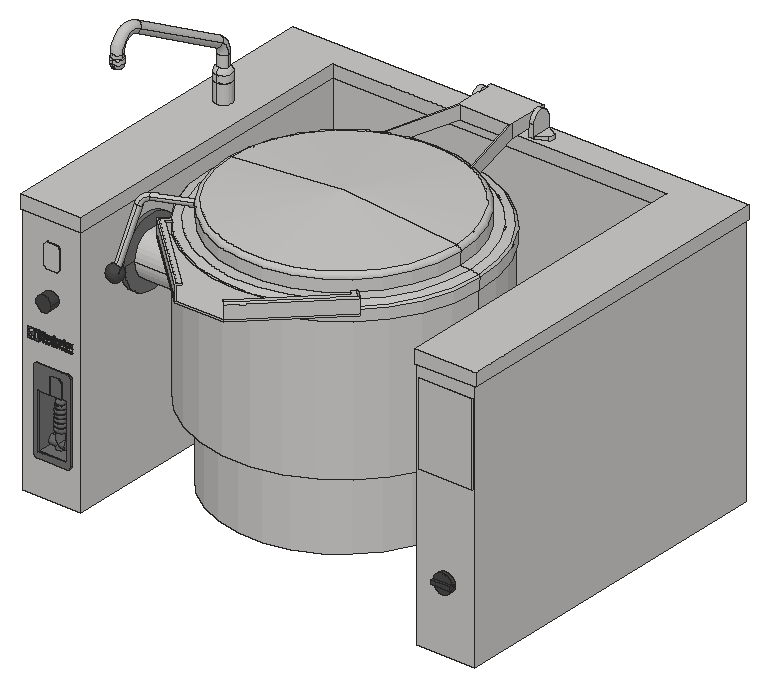
Revit family "QF_ELECTROLUXPROFESSIONAL_586916_PBOT10RCES", category Specialty Equipment, Revit 2018 (continued)
Automatic sketch dimensions
  Extrusion 23 sketch curve to Extrusion 23 sketch curve = 1.353 mm  (x2)
  Extrusion 23 sketch curve to Extrusion 23 sketch curve = 0.027 mm  (x2)
  Extrusion 23 sketch curve to Extrusion 23 sketch curve = 0.395 mm  (x2)
  Extrusion 23 sketch curve to Extrusion 23 sketch curve = 0.329 mm  (x2)
  Extrusion 23 sketch curve to Extrusion 23 sketch curve = 0.425 mm  (x2)
  Extrusion 23 sketch curve to Extrusion 23 sketch curve = 0.051 mm  (x2)
  Extrusion 23 sketch curve to Extrusion 23 sketch curve = 0.495 mm  (x2)
  Extrusion 23 sketch curve to Extrusion 23 sketch curve = 0.267 mm  (x2)
  Extrusion 23 sketch curve to Extrusion 23 sketch curve = 1.4 mm
  Extrusion 23 sketch curve to Extrusion 23 sketch curve = 5.233 mm
  Extrusion 23 sketch curve to Extrusion 23 sketch curve = 2.062 mm
  plane 3 "LEFT" to Extrusion 24 sketch curve = 43.4 mm
  Extrusion 24 sketch curve to Extrusion 24 sketch curve = 82 mm
  plane 7 to Extrusion 24 sketch curve = 105.944 mm
  Extrusion 24 sketch curve to Extrusion 24 sketch curve = 195 mm
  curve 17 to plane 3 "LEFT" = 0 mm
  radius of Extrusion 4 sketch curve = 10 mm
  radius of Extrusion 15 sketch curve = 25 mm
  radius of curve 38 = 25 mm
  radius of Extrusion 17 sketch curve = 20 mm
  radius of Extrusion 20 sketch curve = 6.35 mm  (x2)
  radius of Extrusion 23 sketch curve = 2.453 mm
  radius of Extrusion 23 sketch curve = 1.557 mm
  radius of Extrusion 23 sketch curve = 1.468 mm
  radius of Extrusion 23 sketch curve = 2.451 mm
Nested families
  nested 1: "Electrolux_Handle" at (324.646, -653.285, 8.398) x (0.9205, 0.3907, 0) z (0, 0, 1), type "Family1"
  nested 2: "QF_ELECTROLUXPROFESSIONAL_RubSprint" at (80, -230.346, 900), type "QF_ELECTROLUXPROFESSIONAL_RubSprint"
  nested 3: "QF_ELECTROLUXPROFESSIONAL_SprayGun" at (80.4, -737, 291.944), type "QF_ELECTROLUXPROFESSIONAL_SprayGun"
Connectors
  piping at (110.571, 100, 395), diameter 12.7
    settings: on Extrusion 20, index 1, connector inside diameter 1/2", connector length 0 mm, flow factor 0, pipe flow 0 GPM, pressure drop 0.00 psi, fitting loss kfactor 0, connector angle 0.00°, fixture units 0, engagement length 0 mm, angle of deflection 0.00°, flow configuration 1, flow direction 1, fitting loss method 0, system type 20, joint type 0, gender type 0, connector reference index -1, connector utility 0, adjustable connector no, is connector primary yes, connector description "Cold Water Inlet"
  piping at (50, 100, 395), diameter 12.7
    settings: on Extrusion 20, index 2, connector inside diameter 1/2", connector length 0 mm, flow factor 0, pipe flow 0 GPM, pressure drop 0.00 psi, fitting loss kfactor 0, connector angle 0.00°, fixture units 0, engagement length 0 mm, angle of deflection 0.00°, flow configuration 1, flow direction 1, fitting loss method 0, system type 19, joint type 0, gender type 0, connector reference index -1, connector utility 0, adjustable connector no, is connector primary no, connector description "Hot Water Inlet"
  electrical at (1120, 100, 450), driven by "Volts"
    settings: on Extrusion 4, index 3, voltage 400 V, apparent load 18600 VA, apparent load phase1 0 VA, apparent load phase2 0 VA, apparent load phase3 0 VA, power factor 1, load classification "Other", number of poles 1, system type 30, power factor state 1, is connector primary yes, connector utility no, sub classification motor no, connector description "Electrical Connection"
Definition of nested family "Electrolux_Handle"
  Parameters
    Assembly Code = ""
  Reference planes
    plane 1 "Center (Front/Back)": y = 0
    plane 2: z = 0
    plane 3 "Center (Left/Right)": x = 0
  Forms (mm)
    Sweep 1, solid
      path origin (0, -272.67, 40.751) x (1, 0, 0) y (0, 0.292372, 0.956305)
        loop
          line (16.511, 924.614) -> (-78.489, 924.614)
          arc (-78.489, 924.614) -> (-94.127, 919.229) -> (-103.135, 905.359) r 25.4
          line (-103.135, 905.359) -> (-140.724, 754.597)
      profile origin (-30.989, -2.339, 924.963) x (0, -0.292372, -0.956305) y (0, -0.956305, 0.292372)
        loop
          circle (0, 0) r 8
    Revolve 2, solid
      sketch origin (0, -272.67, 40.751) x (1, 0, 0) y (0, 0.292372, 0.956305)
        loop
          arc (-160.764, 759.594) -> (-145.72, 734.557) -> (-120.683, 749.601) r 20.654
          line (-120.683, 749.601) -> (-160.764, 759.594)
        axis (-120.683, 749.601) -> (-160.764, 759.594)
      angle from 0 to 360
  Lines and regions (mm)
    symbolic lines
      curve 1: line (16.511, 5.661, 0) -> (-87.322, 5.661, 0)
      curve 2: line (16.511, -9.989, 0) -> (-86.193, -9.989, 0)
      curve 3: line (-133.697, -56.773, 0) -> (-97.513, -15.149, 0)
      curve 4: line (-146.568, -45.584, 0) -> (-111.666, -5.433, 0)
      curve 5: arc (-135.59, -32.955, 0) -> (-154.333, -67.194, 0) -> (-122.78, -44.215, 0) r 20
      curve 6: arc (-146.568, -45.584, 0) -> (-145.727, -57.614, 0) -> (-133.697, -56.773, 0) r 8.527
      curve 7: arc (-87.322, 5.661, 0) -> (-100.698, 2.757, 0) -> (-111.666, -5.433, 0) r 32.256
      curve 8: arc (-86.193, -9.989, 0) -> (-92.413, -11.34, 0) -> (-97.513, -15.149, 0) r 15
  Dimensions and locks
    aligned and locked: level to plane 2
    aligned and locked: Revolve 2 sketch curve to Sweep 1  (x2)
    aligned and locked: curve 1 to Sweep 1
    aligned and locked: Sweep 1 to curve 2
Definition of nested family "QF_ELECTROLUXPROFESSIONAL_RubSprint"
  Reference planes
    plane 1 "Center (Front/Back)": y = 0
    plane 2: z = 0
    plane 3 "Center (Left/Right)": x = 0
  Forms (mm)
    Revolve 1, solid
      sketch origin (0, 0, 0) x (0, 1, 0) y (0, 0, 1)
        loop
          line (-21, 0) -> (0, 0) -> (0, 82.75) -> (-14.385, 82.75)
          arc (-14.385, 82.75) -> (-19.409, 76.68) -> (-22.385, 69.383) r 26
          line (-22.385, 69.383) -> (-22.385, 51.306) -> (-21, 50.388) -> (-21, 0)
        axis (0, 82.75) -> (0, 0)
      angle from 0 to 360
    Sweep 2, solid
      path origin (0, 0, 0) x (0, 1, 0) y (0, 0, 1)
        loop
          line (0, 82.75) -> (0, 113.75)
          arc (0, 113.75) -> (-5.44, 133.889) -> (-20.279, 148.551) r 40
          line (-20.279, 148.551) -> (-290.279, 301.55)
          arc (-290.279, 301.55) -> (-330.139, 301.31) -> (-349.999, 266.749) r 40
          line (-349.999, 266.749) -> (-349.999, 257.884)
      profile origin (0, 0, 98.25) x (0, -1, 0) y (1, 0, 0)
        loop
          circle (0, 0) r 13.5
    Revolve 3, solid
      sketch origin (0, 0, 0) x (0, 1, 0) y (0, 0, 1)
        loop
          line (-333.717, 244.264) -> (-333.717, 254.236)
          arc (-333.717, 254.236) -> (-334.434, 255.758) -> (-335.779, 256.77) r 3.5
          line (-335.779, 256.77) -> (-336.499, 257.884) -> (-349.999, 257.884) -> (-349.999, 233.05) -> (-339.2, 233.05)
          arc (-339.2, 233.05) -> (-338.052, 233.411) -> (-337.32, 234.365) r 2
          line (-337.32, 234.365) -> (-333.717, 244.264)
        axis (-349.999, 257.884) -> (-349.999, 233.05)
      angle from 0 to 360
  Lines and regions (mm)
    symbolic lines
      curve 1: arc (-13.5, -17.856, 0) -> (0, 22.385, 0) -> (13.5, -17.856, 0) r 22.385
      curve 2: arc (-13.5, 0, 0) -> (0, 13.5, 0) -> (13.5, 0, 0) r 13.5
      curve 3: arc (-13.5, -349.999, 0) -> (0, -363.499, 0) -> (13.5, -349.999, 0) r 13.5
      curve 4: arc (-13.5, -340.897, 0) -> (0, -366.281, 0) -> (13.5, -340.897, 0) r 16.282
      curve 5: line (13.5, -349.999, 0) -> (13.5, 0, 0)
      curve 6: line (-13.5, -349.999, 0) -> (-13.5, 0, 0)
  Dimensions and locks
    aligned and locked: level to plane 2
Definition of nested family "QF_ELECTROLUXPROFESSIONAL_SprayGun"
  Reference planes
    plane 1 "Center (Front/Back)": y = 0
    plane 2: z = 0
    plane 3 "SGy": x = 13
    plane 4 "AxeZ": y = -45
    plane 5 "Center (Left/Right)": x = 4
    plane 6 "Center (Top/Right)": z = 112.5
  Forms (mm)
    Revolve 1, solid
      sketch origin (0, -45, 0) x (0, 0, 1) y (-1, 0, 0)
        loop
          line (73.98, -1.423) -> (33.98, -1.423) -> (33.98, -13) -> (151.7, -13) -> (151.7, -4.362)
          arc (151.7, -4.362) -> (147.093, -1.396) -> (141.64, -1.926) r 8.345
          arc (141.64, -1.926) -> (140.226, -2.024) -> (139.103, -1.16) r 2
          arc (139.103, -1.16) -> (138.832, -0.814) -> (138.493, -0.536) r 2
          arc (138.493, -0.536) -> (134.77, 0.557) -> (131.061, -0.581) r 6.745
          arc (131.061, -0.581) -> (129.812, -0.914) -> (128.62, -0.414) r 2
          arc (128.62, -0.414) -> (124.347, 1.338) -> (119.917, 0.035) r 6.972
          arc (119.917, 0.035) -> (118.79, -0.341) -> (117.648, -0.011) r 2
          arc (117.648, -0.011) -> (113.81, 1.188) -> (109.921, 0.166) r 7.275
          arc (109.921, 0.166) -> (108.725, -0.109) -> (107.594, 0.367) r 2
          arc (107.594, 0.367) -> (103.55, 1.928) -> (99.427, 0.587) r 6.475
          arc (99.427, 0.587) -> (98.262, 0.173) -> (97.076, 0.524) r 2
          arc (97.076, 0.524) -> (92.711, 1.941) -> (88.277, 0.758) r 8.094
          arc (88.277, 0.758) -> (87.212, 0.464) -> (86.153, 0.781) r 2
          arc (86.153, 0.781) -> (79.633, 2.075) -> (73.98, -1.423) r 9.075
        axis (151.7, -13) -> (33.98, -13)
      angle from 0 to 360
    Revolve 2, solid
      sketch origin (0, -45, 0) x (0, 0, 1) y (-1, 0, 0)
        loop
          line (47.58, 11.558) -> (40.98, 11.558) -> (40.98, 9.577) -> (35.98, 9.577) -> (35.98, -30.423) -> (40.98, -30.423) -> (40.98, -35.423) -> (47.58, -35.423) -> (47.58, 11.558)
        axis (47.58, 11.558) -> (47.58, -35.423)
      angle from 0 to 360
    Extrusion 3, solid
      sketch origin (0, -45, 0) x (1, 0, 0) y (0, 1, 0)
        loop
          line (21.638, 0) -> (17.319, 7.481) -> (8.681, 7.481) -> (4.362, 0) -> (8.681, -7.481) -> (17.319, -7.481) -> (21.638, 0)
      from 151.7 to 160.974
    Extrusion 4, solid
      sketch origin (0, 0, 0) x (1, 0, 0) y (0, 0, 1)
        loop
          arc (-45, 10) -> (-42.071, 2.929) -> (-35, 0) r 10
          line (-35, 0) -> (43, 0)
          arc (43, 0) -> (50.071, 2.929) -> (53, 10) r 10
          line (53, 10) -> (53, 215)
          arc (53, 215) -> (50.071, 222.071) -> (43, 225) r 10
          line (43, 225) -> (-35, 225)
          arc (-35, 225) -> (-42.071, 222.071) -> (-45, 215) r 10
          line (-45, 215) -> (-45, 10)
        loop
          line (-35, 162) -> (-35, 16) -> (43, 16) -> (43, 162) -> (29, 162) -> (29, 199)
          arc (29, 199) -> (26.657, 204.657) -> (21, 207) r 8
          line (21, 207) -> (5, 207)
          arc (5, 207) -> (-0.657, 204.657) -> (-3, 199) r 8
          line (-3, 199) -> (-3, 162) -> (-35, 162)
      from 63 to 60
    Extrusion 5, solid
      sketch origin (0, 0, 0) x (1, 0, 0) y (0, 0, 1)
        loop
          line (-35, 16) -> (43, 16) -> (43, 162) -> (29, 162) -> (29, 199)
          arc (29, 199) -> (26.657, 204.657) -> (21, 207) r 8
          line (21, 207) -> (5, 207)
          arc (5, 207) -> (-0.657, 204.657) -> (-3, 199) r 8
          line (-3, 199) -> (-3, 162) -> (-35, 162) -> (-35, 16)
        loop
          line (31, 164) -> (31, 199)
          arc (31, 199) -> (28.071, 206.071) -> (21, 209) r 10
          line (21, 209) -> (5, 209)
          arc (5, 209) -> (-2.071, 206.071) -> (-5, 199) r 10
          line (-5, 199) -> (-5, 164) -> (-37, 164) -> (-37, 14) -> (45, 14) -> (45, 164) -> (31, 164)
      from 0 to 60
    Extrusion 6, solid
      sketch origin (0, 0, 0) x (1, 0, 0) y (0, 0, 1)
        loop
          line (-37, 164) -> (-37, 14) -> (45, 14) -> (45, 164) -> (-37, 164)
      from 6 to 0
    Extrusion 7, solid
      sketch origin (0, 0, 0) x (1, 0, 0) y (0, 0, 1)
        loop
          line (28, 160.974) -> (28, 198)
          arc (28, 198) -> (25.657, 203.657) -> (20, 206) r 8
          line (20, 206) -> (6, 206)
          arc (6, 206) -> (0.343, 203.657) -> (-2, 198) r 8
          line (-2, 198) -> (-2, 160.974) -> (28, 160.974)
      from 0 to 63
  Dimensions and locks
    equal spacing: Extrusion 4, plane 5 "Center (Left/Right)", Extrusion 4
    Extrusion 4 to Extrusion 4 = 225 mm
    Extrusion 4 to Extrusion 4 = 98 mm
    aligned and locked: level to plane 2
  Automatic sketch dimensions
    plane 3 "SGy" to Revolve 1 sketch curve = 0 mm  (x2)
    plane 5 "Center (Left/Right)" to Revolve 1 sketch curve = 2.577 mm
    level to Revolve 1 sketch curve = 33.98 mm
    Revolve 1 sketch curve to Revolve 1 sketch curve = 40 mm
    Revolve 1 sketch curve to plane 5 "Center (Left/Right)" = 2.854 mm
    Revolve 1 sketch curve to Revolve 1 sketch curve = 7.27 mm
    Revolve 1 sketch curve to Revolve 1 sketch curve = 5.984 mm
    Revolve 1 sketch curve to plane 5 "Center (Left/Right)" = 2.15 mm
    Revolve 1 sketch curve to Revolve 1 sketch curve = 5.262 mm
    Revolve 1 sketch curve to Revolve 1 sketch curve = 5.712 mm
    Revolve 1 sketch curve to plane 5 "Center (Left/Right)" = 0.545 mm
    Revolve 1 sketch curve to Revolve 1 sketch curve = 5.167 mm
    Revolve 1 sketch curve to Revolve 1 sketch curve = 5.522 mm
    Revolve 1 sketch curve to plane 5 "Center (Left/Right)" = 2.085 mm
    Revolve 1 sketch curve to Revolve 1 sketch curve = 4.746 mm
    Revolve 1 sketch curve to Revolve 1 sketch curve = 5.106 mm
    Revolve 1 sketch curve to plane 5 "Center (Left/Right)" = 1.624 mm
    Revolve 1 sketch curve to Revolve 1 sketch curve = 5.239 mm
    Revolve 1 sketch curve to Revolve 1 sketch curve = 5.96 mm
    Revolve 1 sketch curve to plane 5 "Center (Left/Right)" = 2.187 mm
    Revolve 1 sketch curve to Revolve 1 sketch curve = 4.862 mm
    plane 5 "Center (Left/Right)" to Revolve 1 sketch curve = 1.788 mm
    Revolve 1 sketch curve to Revolve 1 sketch curve = 2.59 mm
    Revolve 1 sketch curve to Revolve 1 sketch curve = 3.403 mm
    plane 3 "SGy" to Revolve 1 sketch curve = 3.493 mm
    Revolve 1 sketch curve to Revolve 1 sketch curve = 4.325 mm
    Revolve 1 sketch curve to Revolve 1 sketch curve = 6.57 mm
    Revolve 1 sketch curve to plane 5 "Center (Left/Right)" = 0.362 mm
    plane 5 "Center (Left/Right)" to Revolve 1 sketch curve = 3.891 mm
    plane 5 "Center (Left/Right)" to Revolve 1 sketch curve = 5.081 mm
    plane 5 "Center (Left/Right)" to Revolve 1 sketch curve = 5.658 mm
    plane 5 "Center (Left/Right)" to Revolve 1 sketch curve = 5.884 mm
    plane 5 "Center (Left/Right)" to Revolve 1 sketch curve = 6.173 mm
    plane 5 "Center (Left/Right)" to Revolve 1 sketch curve = 6.464 mm
    Revolve 1 sketch curve to Revolve 1 sketch curve = 7.72 mm
    Revolve 1 sketch curve to Revolve 1 sketch curve = 0 mm  (x12)
    Revolve 1 sketch curve to Revolve 1 sketch curve = 1.57 mm
    Revolve 2 sketch curve to plane 3 "SGy" = 17.423 mm
    level to Revolve 2 sketch curve = 35.98 mm
    Revolve 2 sketch curve to Revolve 2 sketch curve = 5 mm  (x3)
    Revolve 2 sketch curve to Revolve 2 sketch curve = 6.6 mm
    plane 5 "Center (Left/Right)" to Revolve 2 sketch curve = 13.577 mm
    Revolve 2 sketch curve to Revolve 2 sketch curve = 1.981 mm
    Revolve 2 sketch curve to Revolve 2 sketch curve = 0 mm  (x2)
    Revolve 2 sketch curve to Revolve 2 sketch curve = 4.326 mm
    plane 4 "AxeZ" to Extrusion 3 sketch curve = 0 mm  (x2)
    Extrusion 3 sketch curve to plane 5 "Center (Left/Right)" = 0.362 mm
    plane 3 "SGy" to Extrusion 3 sketch curve = 4.319 mm  (x2)
    Extrusion 3 sketch curve to plane 3 "SGy" = 4.319 mm  (x2)
    Extrusion 3 sketch curve to Extrusion 3 sketch curve = 4.319 mm
    plane 4 "AxeZ" to Extrusion 3 sketch curve = 7.481 mm
    Extrusion 3 sketch curve to plane 4 "AxeZ" = 7.481 mm
    Extrusion 4 sketch curve to level = 0 mm
    level to Extrusion 4 sketch curve = 10 mm
    plane 5 "Center (Left/Right)" to Extrusion 4 sketch curve = 49 mm
    Extrusion 4 sketch curve to Extrusion 4 sketch curve = 10 mm  (x2)
    Extrusion 4 sketch curve to Extrusion 4 sketch curve = 0 mm  (x3)
    plane 5 "Center (Left/Right)" to Extrusion 4 sketch curve = 7 mm
    Extrusion 4 sketch curve to plane 5 "Center (Left/Right)" = 1 mm
    Extrusion 4 sketch curve to plane 3 "SGy" = 8 mm
    Extrusion 4 sketch curve to plane 3 "SGy" = 16 mm
    Extrusion 4 sketch curve to Extrusion 4 sketch curve = 14 mm  (x2)
    Extrusion 4 sketch curve to Extrusion 4 sketch curve = 6 mm
    Extrusion 4 sketch curve to Extrusion 4 sketch curve = 146 mm
    Extrusion 4 sketch curve to Extrusion 4 sketch curve = 37 mm
    Extrusion 4 sketch curve to Extrusion 4 sketch curve = 16 mm
    Extrusion 5 sketch curve to Extrusion 5 sketch curve = 0 mm  (x5)
    level to Extrusion 5 sketch curve = 14 mm
    plane 5 "Center (Left/Right)" to Extrusion 5 sketch curve = 41 mm
    Extrusion 5 sketch curve to Extrusion 5 sketch curve = 2 mm  (x6)
    plane 5 "Center (Left/Right)" to Extrusion 5 sketch curve = 9 mm
    Extrusion 5 sketch curve to plane 5 "Center (Left/Right)" = 1 mm
    Extrusion 5 sketch curve to plane 3 "SGy" = 8 mm
    Extrusion 5 sketch curve to Extrusion 5 sketch curve = 8 mm
    Extrusion 5 sketch curve to plane 3 "SGy" = 30 mm
    Extrusion 5 sketch curve to Extrusion 5 sketch curve = 146 mm
    Extrusion 5 sketch curve to Extrusion 5 sketch curve = 35 mm
    level to Extrusion 6 sketch curve = 14 mm
    plane 5 "Center (Left/Right)" to Extrusion 6 sketch curve = 41 mm
    Extrusion 6 sketch curve to plane 3 "SGy" = 32 mm
    Extrusion 6 sketch curve to Extrusion 6 sketch curve = 150 mm
    plane 5 "Center (Left/Right)" to Extrusion 7 sketch curve = 6 mm
    Extrusion 7 sketch curve to plane 5 "Center (Left/Right)" = 2 mm
    Extrusion 7 sketch curve to plane 3 "SGy" = 7 mm
    Extrusion 7 sketch curve to plane 3 "SGy" = 15 mm
    level to Extrusion 7 sketch curve = 160.974 mm
    Extrusion 7 sketch curve to Extrusion 7 sketch curve = 37.026 mm
